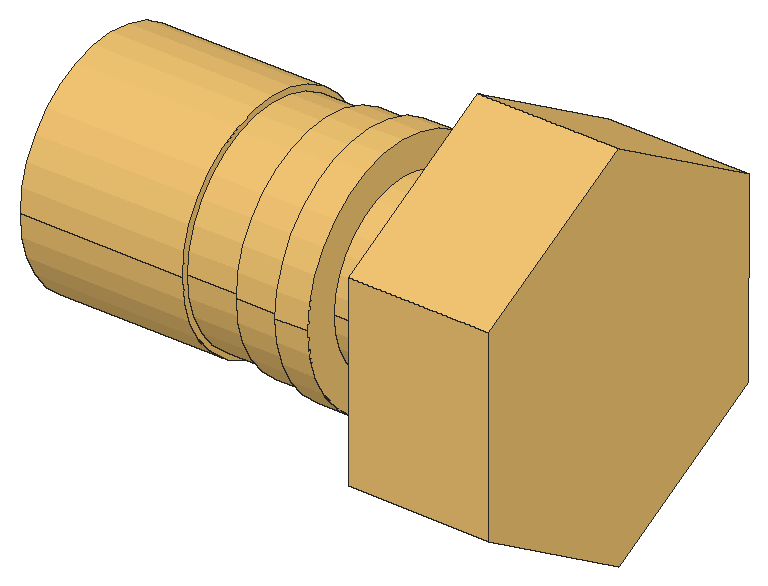
Revit family "VTm.422.EBG", category Соединительные детали трубопроводов, Revit 2019
Family settings
  Размер круглого соединителя = Использовать диаметр
  Тип детали = Переход
  На основе рабочей плоскости = Нет
  Всегда вертикально = Да
  При загрузке вырезать с полостями = Нет
  Общий = Нет
Parameters
  Таблица = "VTm.422.EBG"
  Описание = "Фитинг аксиальный универсальный – фитинг надвижной с накидной гайкой под «евроконус»"  # constant formula
  Изготовитель = "VALTEC"  # constant formula
  Группа модели = "Аксиальные фитинги универсальные"  # constant formula
  msg [instance] = size_lookup(Таблица, "msg", 0 mm, Du1, Du2)  # 25 mm
  msf [instance] = size_lookup(Таблица, "msf", 0 mm, Du1, Du2)  # 77 mm
  g2 [instance] = d1 + 1 mm  # 22 mm
  g1 [instance] = d1 - 1 mm  # 20 mm
  d2 [instance] = size_lookup(Таблица, "d2", 0 mm, Du1, Du2)  # 16 mm
  d1 [instance] = size_lookup(Таблица, "d1", 0 mm, Du1, Du2)  # 21 mm
  b [instance] = size_lookup(Таблица, "b", 0 mm, Du1, Du2)  # 3 mm
  a [instance] = 30 mm  # constant formula
  URL = "https://valtec.ru/"
  L2 [instance] = size_lookup(Таблица, "L2", 0 mm, Du1, Du2)  # 7 mm
  L1 [instance] = size_lookup(Таблица, "L1", 0 mm, Du1, Du2)  # 24 mm
  Du2 [instance] = 20 mm
  Du1 [instance] = 16 mm
  ADSK_Обозначение [instance] = "VTm.422.EBG"  # constant formula
  ADSK_Наименование [instance] = size_lookup(Таблица, "", "Данный типоразмер отсутствует", Du1, Du2)  # "Фитинг аксиальный универсальный – фитинг надвижной с накидной гайкой 16 (2,2) мм х 1/2\""
  ADSK_Материал [instance] = Латунь -CW614N
  ADSK_Масса_фитинга [instance] = msf / 1000 mm  # 0.077
  ADSK_Масса_гильзы [instance] = msg / 1000 mm  # 0.025
  ADSK_Код изделия - фитинг [instance] = size_lookup(Таблица, "Код продукта", "Данный типоразмер отсутствует", Du1, Du2)  # "VTm.422.EBG.001605"
  ADSK_Код изделия - гильза [instance] = size_lookup(Таблица, "Код гильза", "Данный типоразмер отсутствует", Du1, Du2)  # "VTm.400.BG.001622"
  ADSK_Завод-изготовитель [instance] = Изготовитель  # "VALTEC"
  ADSK_Единица измерения [instance] = "шт."  # constant formula
  ADSK_URL страницы изделия [instance] = "https://valtec.ru/catalog/sistemy_metallopolimernyh_i_polimernyh_truboprovodov/aksialnye_fitingi_universalnye/soedinitel_nadvijnoj_s_nakidnoj_gajkoj_pod_evrokonus.html"
  ADSK_URL документации изделия [instance] = "https://valtec.ru/document/technical/VTm.400.BG-0321.pdf"
Reference planes
  plane 1 "По центру (Вперед/Назад)": y = 0
  plane 2: z = 0
  plane 3 "По центру (Влево/Вправо)": x = 0
  plane 4: x = 7
  plane 5: x = 20
  plane 6: through (0, 0, 0) normal (0, 0.5, -0.866)
  plane 7: through (0, 0, 0) normal (0, 0.5, 0.866)
  plane 8: through (0, 404.321, 216.114) normal (0, -0.5, 0.866)
  plane 9: through (0, 389.321, 242.095) normal (0, -0.5, 0.866)
  plane 10: through (0, -338.618, 212.822) normal (0, -0.5, -0.866)
  plane 11: through (0, -412.476, 220.822) normal (0, -0.5, -0.866)
  plane 12: y = 15
  plane 13: y = -15
  plane 14: x = -3
  plane 15: x = -7
  plane 16: x = -12
  plane 17: x = -27
Forms (mm)
  Extrusion 1, solid, material "Латунь -CW614N" <- "ADSK_Материал", detail levels fine
    sketch origin (0, 0, 0) x (0, 1, 0) y (0, 0, 1)
      loop
        line (0, 17.321) -> (-15, 8.66) -> (-15, -8.66) -> (0, -17.321) -> (15, -8.66) -> (15, 8.66) -> (0, 17.321)
    from 7 to 20
  Extrusion 2, solid, material "Латунь -CW614N" <- "ADSK_Материал", detail levels fine
    sketch origin (0, 0, 0) x (0, 1, 0) y (0, 0, 1)
      loop
        circle (0, 0) r 8
    from 0 to 7
  Extrusion 3, solid, material "Латунь -CW614N" <- "ADSK_Материал", detail levels fine
    sketch origin (0, 0, 0) x (0, 1, 0) y (0, 0, 1)
      loop
        circle (0, 0) r 11
    from -3 to 0
  Extrusion 4, solid, material "Латунь -CW614N" <- "ADSK_Материал", detail levels fine
    sketch origin (0, 0, 0) x (0, 1, 0) y (0, 0, 1)
      loop
        circle (0, 0) r 10.5
    from -7 to -3
  Extrusion 5, solid, material "Латунь -CW614N" <- "ADSK_Материал", detail levels fine
    sketch origin (0, 0, 0) x (0, 1, 0) y (0, 0, 1)
      loop
        circle (0, 0) r 10
    from -12 to -7
  Extrusion 6, solid, material "Латунь -CW614N" <- "ADSK_Материал", detail levels fine
    sketch origin (0, 0, 0) x (0, 1, 0) y (0, 0, 1)
      loop
        circle (0, 0) r 10.5
    from -27 to -12
Dimensions and locks
  locked: plane 4 to plane 5 at 13
  equal spacing: plane 11, plane 7, plane 10
  equal spacing: plane 9, plane 6, plane 8
  equal spacing: plane 12, plane 1 "По центру (Вперед/Назад)", plane 13
  "a": plane 12 to plane 13
  "a": plane 9 to plane 8
  "a": plane 11 to plane 10
  "L2": plane 3 "По центру (Влево/Вправо)" to plane 4
  locked: plane 15 to plane 14 at 4
  locked: plane 16 to plane 15 at 5
  "L1": plane 17 to plane 14
  "b": plane 14 to plane 3 "По центру (Влево/Вправо)"
  "d2": diameter of Extrusion 2 sketch curve
  "g2": diameter of Extrusion 3 sketch curve
  "d1": diameter of Extrusion 4 sketch curve
  "g1": diameter of Extrusion 5 sketch curve
  "d1": diameter of Extrusion 6 sketch curve
  aligned and locked: level to plane 2
  aligned and locked: Extrusion 1 sketch curve to plane 10
  aligned and locked: plane 9 to Extrusion 1 sketch curve
  aligned and locked: plane 13 to Extrusion 1 sketch curve
  aligned and locked: plane 11 to Extrusion 1 sketch curve
  aligned and locked: Extrusion 1 sketch curve to plane 8
  aligned and locked: Extrusion 1 sketch curve to plane 12
  aligned and locked: Extrusion 1 to plane 4
  aligned and locked: plane 5 to Extrusion 1
  aligned and locked: plane 1 "По центру (Вперед/Назад)" to Extrusion 2 sketch curve
  aligned and locked: level to Extrusion 2 sketch curve
  aligned and locked: Extrusion 2 to plane 3 "По центру (Влево/Вправо)"
  aligned and locked: plane 4 to Extrusion 2
  aligned and locked: plane 1 "По центру (Вперед/Назад)" to Extrusion 3 sketch curve
  aligned and locked: level to Extrusion 3 sketch curve
  aligned and locked: Extrusion 3 to plane 14
  aligned and locked: plane 3 "По центру (Влево/Вправо)" to Extrusion 3
  aligned and locked: plane 1 "По центру (Вперед/Назад)" to Extrusion 4 sketch curve
  aligned and locked: level to Extrusion 4 sketch curve
  aligned and locked: Extrusion 4 to plane 15
  aligned and locked: plane 14 to Extrusion 4
  aligned and locked: plane 1 "По центру (Вперед/Назад)" to Extrusion 5 sketch curve
  aligned and locked: level to Extrusion 5 sketch curve
  aligned and locked: Extrusion 5 to plane 16
  aligned and locked: plane 15 to Extrusion 5
  aligned and locked: plane 1 "По центру (Вперед/Назад)" to Extrusion 6 sketch curve
  aligned and locked: level to Extrusion 6 sketch curve
  aligned and locked: Extrusion 6 to plane 17
  aligned and locked: plane 16 to Extrusion 6
Nested families
  nested 1: "условный вид" at (3, 0, 0), type "условный вид", detail levels coarse+medium
    with Ширина 15 mm, Длинна 20 mm
Connectors
  piping at (-3, 0, 0), diameter 16, driven by "Du1"
    settings: on Extrusion 3, index 1, connector inside diameter 609.6 mm, connector length 0 mm, flow factor 0, pipe flow 0.0 L/s, pressure drop 0.0 Pa, fitting loss kfactor 0, connector angle 0.00°, fixture units 0, engagement length 0 mm, angle of deflection 0.00°, flow configuration 0, flow direction 0, fitting loss method 0, system type 28, joint type 0, gender type 0, connector reference index -1, connector utility 0, adjustable connector no, is connector primary yes, connector description ""
  piping at (7, 0, 0), diameter 20, driven by "Du2"
    settings: on Extrusion 2, index 2, connector inside diameter 609.6 mm, connector length 0 mm, flow factor 0, pipe flow 0.0 L/s, pressure drop 0.0 Pa, fitting loss kfactor 0, connector angle 0.00°, fixture units 0, engagement length 0 mm, angle of deflection 0.00°, flow configuration 0, flow direction 0, fitting loss method 0, system type 28, joint type 0, gender type 0, connector reference index -1, connector utility 0, adjustable connector no, is connector primary no, connector description ""
Definition of nested family "условный вид"
  Parameters (values of type "условный вид")
    Ширина [instance] = 15 mm
    Длинна [instance] = 20 mm
  Reference planes
    plane 1: y = 0
    plane 2: x = 0
  Lines and regions (mm)
    Filled region 1, type "Цветовая область 1"
      outline origin (0, 0, 0) x (1, 0, 0) y (0, 1, 0)
        loop
          line (9.996, -0.013) -> (-10, 9.311) -> (-10, -9.337) -> (9.996, -0.013)
    reference lines
      curve 1: line (-10, 12.871, 0) -> (-10, -9.337, 0)
      curve 2: line (10, 15.001, 0) -> (10, -15.037, 0)
      curve 4: line (-10, 9.311, 0) -> (10, -0.015, 0)
      curve 5: line (10, -0.012, 0) -> (-10, -9.337, 0)
    detail lines
      curve 3: line (-10, 9.311, 0) -> (-10, -9.337, 0)
      curve 6: line (9.996, -0.013, 0) -> (-10, 9.311, 0)
      curve 7: line (9.996, -0.013, 0) -> (-10, -9.337, 0)
  Dimensions and locks
    equal spacing: curve 1, plane 2, curve 2
    "Длинна": curve 1 to curve 2
    aligned and locked: curve 5 to curve 7
    aligned and locked: curve 6 to curve 4
    aligned and locked: Filled region 1 sketch curve to curve 6
    aligned and locked: Filled region 1 sketch curve to curve 7
    aligned and locked: Filled region 1 sketch curve to curve 3
  Automatic sketch dimensions
    curve 6 to plane 1 = 9.311 mm
    plane 1 to curve 5 = 9.337 mm
    plane 1 to curve 2 = 15.037 mm
    plane 1 to curve 4 = 0.015 mm
    curve 4 to curve 5 = 0.003 mm
    curve 4 to plane 1 = 9.311 mm
    curve 4 to curve 1 = 3.56 mm
    curve 2 to plane 1 = 15.001 mm
